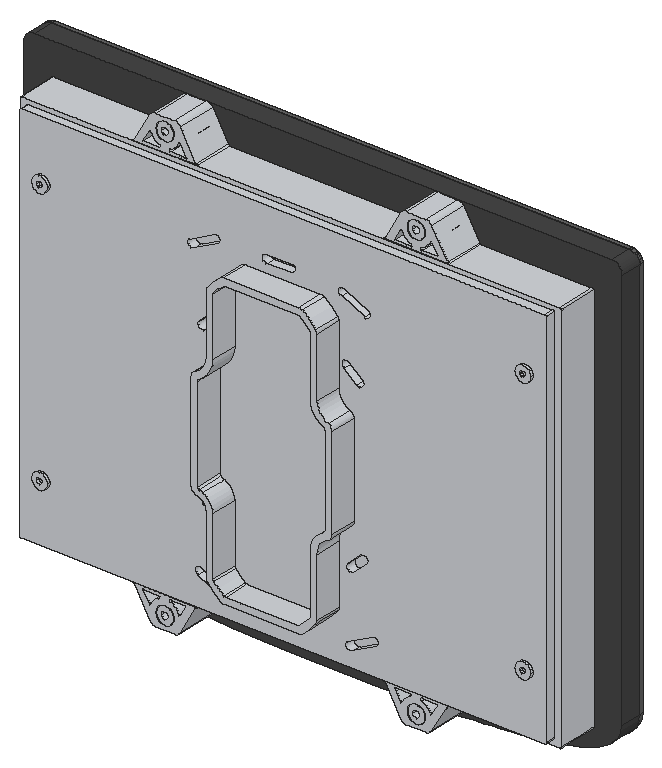
Revit family "Tyco _ FPP (FireClass) _ Graphical User Interface___", category Fire Alarm Devices, host Wall, Revit 2016
Family settings
  Host = Wall
  Maintain Annotation Orientation = No
  Part Type = Normal
  Round Connector Dimension = Use Diameter
  OmniClass Number = 23.85.30.00
  OmniClass Title = Safety and Security Information Systems
  Always vertical = Yes
  Cut with Voids When Loaded = No
  Shared = No
  Room Calculation Point = No
Parameters (values of type "FCZ4DS")
  Weight = ".0.8 kg"
  Warranty Start Date = "1900-12-31T23:59:59"
  Warranty Guarantor Parts = "Contact your supplier. If you don’t have your supplier contact details please contact  FireClassSales@tycoint.com"
  Warranty Guarantor Labor = "Contact your supplier. If you don’t have your supplier contact details please contact  FireClassSales@tycoint.com"
  Warranty Duration Unit = "Year"
  Warranty Duration Parts = "3 years"
  Warranty Duration Labor = 3
  Warranty Description = "The 36 month warranty is applicable from the date of manufacture."
  Version = "1"
  Usage Current = "n/a"
  Uniclass2 = "Ee_40_15_75"
  URL = "http://www.fireclass.net"
  Type Comments = ""
  Total No Of Addresses = "n/a"
  Tag Number = "n/a"
  SuistainabilityPerformance = "n/a"
  Storage Temperature = "-20 °C to +70 °C"
  Size = "n/a"
  Single = yes
  Shape = "Rectangle"
  Serial Number = "n/a"
  Revision = "n/a"
  Replacement Cost = 0
  Relative Humidity = "95% RH continuous (non-condensing)"
  Reference = ""
  Product Information URL = "http://www.zettlerfire.com/Products/Fire/zettlerpanels/PROFILE.asp"
  Product Description = "FCZ4DS FireClass 40 Zone Display"
  Product Specification = "FCZ4DS FireClass 40 Zone Display"
  Product Information = ""
  Product Codes = "557.200.957"
  Phase Reference = "n/a"
  Phase Angle = "n/a"
  Operation Temperature Range = " -5 °C to +40 °C"
  Number of Loops = "n/a"
  Number Of Poles = "n/a"
  Nominal Width = 248 mm
  Nominal Voltage = "18-29V DC"
  Nominal Length = 33 mm
  Nominal Height = 195 mm
  Nominal Frequency Range = "n/a"
  Nominal Current = "0.3A DC"
  No Of Zones Supported = "n/a"
  No Of Zonal LEDs = "16"
  Name = "FCZ4DS"
  NBS Reference = "90-75-30/380"
  NBS Description = "Fire detection and alarm control and indicating equipment (CIE)"
  Model Reference = "n/a"
  Model Number = "Pro215S"
  Model = "FCZ4DS"
  Material = "Plastic PC-ABS"
  ManufacturerURL = "www.zettlerfire.com"
  Manufacturer URL = "www.zettlerfire.com"
  Manufacturer Name = "Tyco Fire & Security GmbH"
  Manufacturer = "Tyco Fire & Security GmbH"
  Insulation Standard Class = "n/a"
  Installation Date = "1900-12-31T23:59:59"
  Ifc Type Object = ""
  Ifc Export Type = ""
  Ifc Export As = ""
  IP_Code = "IP30"
  Has Protective Earth = "TRUE"
  Grade = "n/a"
  Finish = "n/a"
  Features = "n/a"
  Expected Life = 0
  Electrical Device Nominal Power = "n/a"
  Duration Unit = "Year"
  Description = "FCZ4DS FireClass 40 Zone Display"
  Constituents = "n/a"
  Colour = "Anthracite Grey"
  Code Performance = "n/a"
  Clearance [instance] = no
  Category = "Ee_40_15_75"
  Brand = "FireClass"
  Bar Code = "n/a"
  BIM Object Name = ""
  Author = "Tyco Fire Protection Products"
  Asset Type = "Moveable"
  Asset Identifier = "n/a"
  Addresses Per Loop = "n/a"
  Accessibility Performance = "n/a"
Types (5, lengths in mm): name | Product Description | Product Specification | Product Codes | Nominal Current | Name | Model Number | Model | Description | Clearance
  FC1DS | "FireClass repeater compact TFT display 16 zone DC powered with shallow Box" | "FireClass repeater compact TFT display 16 zone DC powered with\r\nshallow backbox" | "557.200.954" | "0.27A DC" | "FC1DS" | "Pro215S" | "FC1DS" | "FC1DS FireClass Fully Functional Repeater" | yes
  FC1D2 | "FireClass Display Only repeater compact TFT display 16 zone DC powered with shallow backbox" | "FireClass Display Only repeater compact TFT display 16 zone DC powered with shallow backbox" | "557.200.955" | "0.3A DC\r\n0.3A DC\r\n0.3A DC" | "FC1D2" | "Pro215S" | "FC1D2" | "FC1D2 FireClass Display Only Repeater" | yes
  FC8AS | "FC8AS FireClass 80 Zone AC Repeater" | "FC8AS FireClass 80 Zone AC Repeater" | "557.200.956" | "0.3A DC" | "FC8AS" | "Pro215S" | "FC8AS" | "FC8AS FireClass 80 Zone AC Repeater" | yes
  FCZ4DS | "FCZ4DS FireClass 40 Zone Display" | "FCZ4DS FireClass 40 Zone Display" | "557.200.957" | "0.3A DC" | "FCZ4DS" | "Pro215S" | "FCZ4DS" | "FCZ4DS FireClass 40 Zone Display" | no
  FCZ8DS | "FCZ8DS FireClass 80 Zone Display" | "FCZ8DS FireClass 80 Zone Display" | "557.200.958" | "0.3A DC" | "FCZ8DS" | "FCZ8DS" | "FCZ8DS" | "FCZ8DS FireClass 80 Zone Display" | yes
Reference planes
  plane 1 "Wall": y = 0
  plane 2 "Center (Left/Right)": x = 125
  plane 3 "Back": y = 75
  plane 4: x = 1
  plane 5: x = 249
  plane 6: y = 108
  plane 7: z = 97.5
  plane 8: z = -97.5
  plane 9: z = 0
Text (mm)
  text "Placement Side" at (-1848.837, 1116.779, 0), in view "Ref. Level"
  text "Placement side" at (0, 1409.804, 2854.306), in view "Left"
  text "Placement side" at (0, 499.811, 2980.732), in view "Right"
Dimensions and locks
  locked: plane 3 "Back" to host wall
  equal spacing: plane 5, plane 2 "Center (Left/Right)", plane 4
  "Nominal Width": plane 5 to plane 4
  "Nominal Length": host wall to plane 6
  equal spacing: plane 7, level, plane 8
  "Nominal Height": plane 7 to plane 8
  aligned and locked: plane 1 "Wall" to host wall
  aligned and locked: plane 3 "Back" to nested 1
  aligned and locked: nested 1 to plane 4  (x2)
  aligned and locked: level to nested 1
  aligned and locked: plane 9 to level
Nested families
  nested 1: "Geometry" at (123.818, 22.506, -97.64), type "Family 2014"
    with Clearance no
Connectors
  electrical at (124.614, 90.101, -1.463)
    settings: on nested 1, index 1, voltage 0 V, apparent load 0 VA, apparent load phase1 0 VA, apparent load phase2 0 VA, apparent load phase3 0 VA, power factor 1, load classification "Other", number of poles 1, system type 11, power factor state 1, is connector primary yes, connector utility no, sub classification motor no, connector description ""
  cabletrayconduit at (124.69, 98.339, 80.044), diameter 12.7
    settings: on nested 1, index 2, connector width 300 mm, connector height 300 mm, connector angle 0.00°, system type 32, placement type 0, profile type 0, connector reference index -1, is primary connector yes, connector utility param no, connector description "Conduit Connector"
Definition of nested family "Geometry"
  Parameters (values of type "Family 2014")
    Depth = 33 mm
    Clearance = yes
  Reference planes
    plane 1 "Center (Front/Back)": y = 0
    plane 2: z = 0
    plane 3 "Center (Left/Right)": x = 0
    plane 4: y = 94.62
    plane 5: x = -3.745
    plane 6: y = 94.12
    plane 7: x = -3.745
    plane 8: y = 84.072
    plane 9: y = 134.62
    plane 10: z = 97.64
  Forms (mm)
    Extrusion 1, solid, detail levels fine
      sketch origin (-12.5, 0, 200) x (1, 0, 0) y (0, 0, 1)
        loop
          line (-92.72, -181.182) -> (-69.997, -181.182)
          arc (-69.997, -181.182) -> (-68.937, -180.742) -> (-68.497, -179.682) r 1.5
          line (-68.497, -179.682) -> (-68.497, -138.46)
          arc (-68.497, -138.46) -> (-68.937, -137.399) -> (-69.997, -136.96) r 1.5
          line (-69.997, -136.96) -> (-92.72, -136.96)
          arc (-92.72, -136.96) -> (-93.78, -137.399) -> (-94.22, -138.46) r 1.5
          line (-94.22, -138.46) -> (-94.22, -179.682)
          arc (-94.22, -179.682) -> (-93.78, -180.742) -> (-92.72, -181.182) r 1.5
        loop
          line (-74.551, -133.631) -> (-74.551, -35.631)
          arc (-74.551, -35.631) -> (-75.801, -34.381) -> (-77.051, -35.631) r 1.25
          line (-77.051, -35.631) -> (-77.051, -133.631)
          arc (-77.051, -133.631) -> (-75.801, -134.881) -> (-74.551, -133.631) r 1.25
        loop
          line (-80.201, -133.631) -> (-80.201, -35.631)
          arc (-80.201, -35.631) -> (-81.451, -34.381) -> (-82.701, -35.631) r 1.25
          line (-82.701, -35.631) -> (-82.701, -133.631)
          arc (-82.701, -133.631) -> (-81.451, -134.881) -> (-80.201, -133.631) r 1.25
        loop
          line (-85.851, -133.631) -> (-85.851, -35.631)
          arc (-85.851, -35.631) -> (-87.101, -34.381) -> (-88.351, -35.631) r 1.25
          line (-88.351, -35.631) -> (-88.351, -133.631)
          arc (-88.351, -133.631) -> (-87.101, -134.881) -> (-85.851, -133.631) r 1.25
        loop
          line (-91.501, -133.631) -> (-91.501, -35.631)
          arc (-91.501, -35.631) -> (-92.751, -34.381) -> (-94.001, -35.631) r 1.25
          line (-94.001, -35.631) -> (-94.001, -133.631)
          arc (-94.001, -133.631) -> (-92.751, -134.881) -> (-91.501, -133.631) r 1.25
        loop
          line (-68.901, -133.631) -> (-68.901, -35.631)
          arc (-68.901, -35.631) -> (-70.151, -34.381) -> (-71.401, -35.631) r 1.25
          line (-71.401, -35.631) -> (-71.401, -133.631)
          arc (-71.401, -133.631) -> (-70.151, -134.881) -> (-68.901, -133.631) r 1.25
        loop
          line (-98.909, -21.921) -> (-98.909, -183.562)
          arc (-98.909, -183.562) -> (-97.697, -184.42) -> (-96.291, -184.896) r 5.135
          arc (-96.291, -184.896) -> (-89.603, -185.908) -> (-82.864, -186.505) r 109.392
          arc (-82.864, -186.505) -> (-35.192, -187.899) -> (12.5, -188.233) r 2148.099
          arc (12.5, -188.233) -> (60.192, -187.899) -> (107.864, -186.505) r 2148.099
          arc (107.864, -186.505) -> (116.424, -185.674) -> (124.891, -184.174) r 109.392
          line (124.891, -184.174) -> (124.891, -21.421) -> (-98.409, -21.421)
          arc (-98.409, -21.421) -> (-98.762, -21.567) -> (-98.909, -21.921) r 0.5
        loop
          spline (21.83, -198.361) -> (22.421, -198.327) -> (23.007, -198.227) -> (23.579, -198.062) -> (24.128, -197.831) -> (24.645, -197.537) -> (25.121, -197.182) -> (25.548, -196.768) -> (25.916, -196.301) -> (26.215, -195.786) -> (26.436, -195.233) -> (26.572, -194.653) -> (26.618, -194.062)
          spline (26.618, -194.062) -> (26.571, -193.48) -> (26.433, -192.909) -> (26.21, -192.366) -> (25.908, -191.864) -> (25.538, -191.409) -> (25.112, -191.007) -> (24.638, -190.664) -> (24.126, -190.379) -> (23.583, -190.157) -> (23.019, -189.996) -> (22.441, -189.9) -> (21.858, -189.868)
          line (21.858, -189.868) -> (3.784, -189.862)
          spline (3.784, -189.862) -> (3.201, -189.894) -> (2.622, -189.991) -> (2.057, -190.151) -> (1.514, -190.374) -> (1.001, -190.659) -> (0.526, -191.003) -> (0.099, -191.405) -> (-0.271, -191.861) -> (-0.573, -192.364) -> (-0.797, -192.907) -> (-0.935, -193.479) -> (-0.982, -194.062)
          spline (-0.982, -194.062) -> (-0.936, -194.653) -> (-0.8, -195.233) -> (-0.579, -195.786) -> (-0.28, -196.301) -> (0.088, -196.768) -> (0.515, -197.182) -> (0.991, -197.537) -> (1.508, -197.831) -> (2.056, -198.062) -> (2.628, -198.227) -> (3.214, -198.327) -> (3.806, -198.361)
          line (3.806, -198.361) -> (21.83, -198.361)
        loop
          line (-96.695, -183.562) -> (122.691, -183.562) -> (122.691, -23.864) -> (-96.695, -23.821) -> (-96.695, -183.562)
        loop
          line (110.202, -36.86) -> (-63.219, -36.86) -> (-63.219, -167.681) -> (110.202, -167.681) -> (110.202, -36.86)
        loop
          line (-65.726, -34.353) -> (-65.726, -180.888) -> (112.709, -180.888) -> (112.709, -34.353) -> (-65.726, -34.353)
        loop
          line (-84.509, -171.711) -> (-78.317, -171.711) -> (-78.317, -166.911) -> (-79.209, -166.911) -> (-79.209, -165.221)
          arc (-79.209, -165.221) -> (-81.609, -162.821) -> (-84.009, -165.221) r 2.4
          arc (-84.009, -165.221) -> (-83.659, -165.571) -> (-83.309, -165.221) r 0.35
          arc (-83.309, -165.221) -> (-81.609, -163.521) -> (-79.909, -165.221) r 1.7
          line (-79.909, -165.221) -> (-79.909, -166.911) -> (-84.509, -166.911) -> (-84.509, -171.711)
        loop
          arc (-81.214, -169.573) -> (-81.609, -167.971) -> (-82.003, -169.573) r 0.85
          line (-82.003, -169.573) -> (-82.259, -171.021) -> (-80.959, -171.021) -> (-81.214, -169.573)
        loop
          line (-81.025, -143.821) -> (-80.204, -143.821) -> (-81.359, -141.821) -> (-82.513, -143.821) -> (-81.692, -143.821) -> (-81.692, -148.413)
          arc (-81.692, -148.413) -> (-82.658, -147.682) -> (-83.025, -146.528) r 2
          line (-83.025, -146.528) -> (-82.199, -146.528) -> (-82.199, -145.113) -> (-84.687, -145.113) -> (-84.687, -146.528) -> (-83.692, -146.528)
          arc (-83.692, -146.528) -> (-83.133, -148.161) -> (-81.692, -149.11) r 2.667
          line (-81.692, -149.11) -> (-81.692, -151.878)
          arc (-81.692, -151.878) -> (-81.359, -153.821) -> (-81.025, -151.878) r 1
          line (-81.025, -151.878) -> (-81.025, -151.062)
          arc (-81.025, -151.062) -> (-79.55, -149.701) -> (-79.025, -147.763) r 3.627
          arc (-79.025, -147.763) -> (-79.359, -145.821) -> (-79.692, -147.763) r 1
          arc (-79.692, -147.763) -> (-80.033, -149.2) -> (-81.025, -150.294) r 2.96
          line (-81.025, -150.294) -> (-81.025, -143.821)
        loop
          arc (137.229, -13.406) -> (135.945, -10.304) -> (132.843, -9.02) r 4.386
          line (132.843, -9.02) -> (-105.933, -9.02)
          arc (-105.933, -9.02) -> (-109.034, -10.304) -> (-110.318, -13.406) r 4.386
          line (-110.318, -13.406) -> (-110.318, -180.084)
          spline (-110.318, -180.084) -> (-109.866, -182.575) -> (-109.148, -184.276) -> (-108.349, -185.403) -> (-107.644, -186.168) -> (-107.088, -186.723) -> (-106.611, -187.162) -> (-106.132, -187.57) -> (-105.533, -188.018) -> (-104.669, -188.558) -> (-103.42, -189.236) -> (-101.991, -189.954) -> (-100.817, -190.516)
          spline (-100.817, -190.516) -> (-92.745, -193.17) -> (-87.971, -194.345) -> (-83.074, -195.341) -> (-78.304, -196.194) -> (-74.081, -196.826) -> (-69.845, -197.359) -> (-65.063, -197.881) -> (-59.313, -198.424) -> (-52.177, -199.01) -> (-43.108, -199.632) -> (-31.46, -200.26) -> (-16.585, -200.866)
          line (-16.585, -200.866) -> (0.325, -201.25) -> (35.336, -201.25) -> (52.245, -200.866)
          spline (52.245, -200.866) -> (65.38, -200.331) -> (75.666, -199.776) -> (83.675, -199.227) -> (89.976, -198.71) -> (95.053, -198.231) -> (99.276, -197.769) -> (103.016, -197.298) -> (106.745, -196.741) -> (110.958, -195.987) -> (115.282, -195.108) -> (119.497, -194.071) -> (126.625, -191.727)
          spline (126.625, -191.727) -> (127.935, -191.099) -> (129.53, -190.298) -> (130.924, -189.542) -> (131.888, -188.938) -> (132.557, -188.439) -> (133.091, -187.983) -> (133.624, -187.494) -> (134.245, -186.874) -> (135.031, -186.02) -> (135.923, -184.762) -> (136.724, -182.864) -> (137.229, -180.084)
          line (137.229, -180.084) -> (137.229, -13.406)
        loop
          spline (52.211, -199.866) -> (65.323, -199.333) -> (75.588, -198.779) -> (83.578, -198.231) -> (89.86, -197.715) -> (94.92, -197.238) -> (99.125, -196.778) -> (102.842, -196.31) -> (106.549, -195.756) -> (110.725, -195.009) -> (115.017, -194.136) -> (119.178, -193.113) -> (126.227, -190.794)
          spline (126.227, -190.794) -> (127.515, -190.176) -> (129.088, -189.386) -> (130.435, -188.656) -> (131.332, -188.095) -> (131.934, -187.646) -> (132.437, -187.216) -> (132.939, -186.756) -> (133.527, -186.167) -> (134.273, -185.359) -> (135.055, -184.258) -> (135.764, -182.573) -> (136.229, -180.001)
          line (136.229, -180.001) -> (136.229, -13.406)
          arc (136.229, -13.406) -> (135.237, -11.012) -> (132.843, -10.02) r 3.386
          line (132.843, -10.02) -> (-105.933, -10.02)
          arc (-105.933, -10.02) -> (-108.327, -11.012) -> (-109.318, -13.406) r 3.386
          line (-109.318, -13.406) -> (-109.318, -180.001)
          spline (-109.318, -180.001) -> (-108.906, -182.284) -> (-108.28, -183.771) -> (-107.59, -184.742) -> (-106.927, -185.462) -> (-106.403, -185.986) -> (-105.956, -186.395) -> (-105.509, -186.777) -> (-104.977, -187.175) -> (-104.18, -187.673) -> (-102.968, -188.329) -> (-101.575, -189.03) -> (-100.419, -189.583)
          spline (-100.419, -189.583) -> (-92.427, -192.212) -> (-87.708, -193.373) -> (-82.843, -194.363) -> (-78.098, -195.211) -> (-73.909, -195.837) -> (-69.693, -196.368) -> (-64.929, -196.889) -> (-59.198, -197.43) -> (-52.078, -198.013) -> (-43.03, -198.634) -> (-31.403, -199.262) -> (-16.551, -199.866)
          line (-16.551, -199.866) -> (0.336, -200.25) -> (35.324, -200.25) -> (52.211, -199.866)
      from -94.62 to -93.12
    Extrusion 2, solid, detail levels medium+fine
      sketch origin (-12.5, 0, 200) x (1, 0, 0) y (0, 0, 1)
        loop
          line (-63.295, -36.86) -> (-63.295, -167.681) -> (110.202, -167.681) -> (110.202, -36.86) -> (-63.295, -36.86)
      from -93.12 to -94.12
    Extrusion 3, solid, visible <- "Clearance"
      sketch origin (0, 0, 0) x (1, 0, 0) y (0, 0, 1)
        loop
          line (164.729, 230.98) -> (-162.818, 230.98) -> (-162.818, -40) -> (164.729, -40) -> (164.729, 230.98)
      from -52.494 to -134.62
    Extrusion 4, solid
      sketch origin (0, 0, 0) x (1, 0, 0) y (0, 0, 1)
        loop
          arc (-110.378, 177.684) -> (-110.821, 177.501) -> (-111.004, 177.058) r 0.626
          line (-111.004, 177.058) -> (-111.004, 14.842)
          arc (-111.004, 14.842) -> (-110.838, 14.441) -> (-110.437, 14.275) r 0.567
          line (-110.437, 14.275) -> (112.142, 14.275)
          arc (112.142, 14.275) -> (112.583, 14.458) -> (112.765, 14.899) r 0.624
          line (112.765, 14.899) -> (112.765, 177.041)
          arc (112.765, 177.041) -> (112.577, 177.496) -> (112.122, 177.684) r 0.643
          line (112.122, 177.684) -> (-110.378, 177.684)
      from -84.072 to -67.595
    Extrusion 5, solid
      sketch origin (0, 0, 0) x (1, 0, 0) y (0, 0, 1)
        loop
          arc (-14.683, 150.618) -> (-15.479, 150.488) -> (-16.192, 150.111) r 2.5
          arc (-16.192, 150.111) -> (-19.069, 147.609) -> (-21.581, 144.74) r 28.139
          arc (-21.581, 144.74) -> (-21.962, 144.024) -> (-22.093, 143.224) r 2.5
          line (-22.093, 143.224) -> (-22.093, 118.679)
          arc (-22.093, 118.679) -> (-23.379, 114.447) -> (-26.801, 111.644) r 7.611
          arc (-26.801, 111.644) -> (-27.922, 110.723) -> (-28.343, 109.335) r 2.5
          line (-28.343, 109.335) -> (-28.343, 68.815)
          arc (-28.343, 68.815) -> (-27.952, 67.472) -> (-26.9, 66.549) r 2.5
          line (-26.9, 66.549) -> (-24.726, 65.536)
          arc (-24.726, 65.536) -> (-22.807, 63.853) -> (-22.093, 61.402) r 4.561
          line (-22.093, 61.402) -> (-22.093, 37.134)
          arc (-22.093, 37.134) -> (-21.962, 36.334) -> (-21.581, 35.619) r 2.5
          arc (-21.581, 35.619) -> (-19.069, 32.75) -> (-16.193, 30.247) r 28.139
          arc (-16.193, 30.247) -> (-15.479, 29.871) -> (-14.683, 29.74) r 2.5
          line (-14.683, 29.74) -> (16.275, 29.74)
          arc (16.275, 29.74) -> (17.071, 29.87) -> (17.784, 30.247) r 2.5
          arc (17.784, 30.247) -> (20.661, 32.75) -> (23.173, 35.619) r 28.139
          arc (23.173, 35.619) -> (23.553, 36.334) -> (23.685, 37.134) r 2.5
          line (23.685, 37.134) -> (23.685, 61.679)
          arc (23.685, 61.679) -> (24.97, 65.912) -> (28.393, 68.715) r 7.611
          arc (28.393, 68.715) -> (29.514, 69.636) -> (29.935, 71.024) r 2.5
          line (29.935, 71.024) -> (29.935, 109.335)
          arc (29.935, 109.335) -> (29.514, 110.722) -> (28.394, 111.643) r 2.5
          arc (28.394, 111.643) -> (24.971, 114.446) -> (23.685, 118.679) r 7.611
          line (23.685, 118.679) -> (23.685, 143.224)
          arc (23.685, 143.224) -> (23.554, 144.024) -> (23.173, 144.74) r 2.5
          arc (23.173, 144.74) -> (20.661, 147.609) -> (17.784, 150.111) r 28.139
          arc (17.784, 150.111) -> (17.071, 150.488) -> (16.275, 150.618) r 2.5
          line (16.275, 150.618) -> (-14.683, 150.618)
        loop
          arc (-19.427, 118.679) -> (-20.966, 113.269) -> (-25.123, 109.48) r 10.277
          arc (-25.123, 109.48) -> (-25.527, 109.111) -> (-25.677, 108.585) r 1
          line (-25.677, 108.585) -> (-25.677, 69.558)
          arc (-25.677, 69.558) -> (-25.521, 69.02) -> (-25.1, 68.651) r 1
          line (-25.1, 68.651) -> (-23.6, 67.952)
          arc (-23.6, 67.952) -> (-20.559, 65.285) -> (-19.427, 61.402) r 7.227
          line (-19.427, 61.402) -> (-19.427, 37.533)
          arc (-19.427, 37.533) -> (-19.276, 36.932) -> (-18.857, 36.473) r 1.27
          arc (-18.857, 36.473) -> (-17.024, 34.477) -> (-14.989, 32.687) r 25.473
          arc (-14.989, 32.687) -> (-14.622, 32.485) -> (-14.211, 32.406) r 1.338
          line (-14.211, 32.406) -> (15.843, 32.406)
          arc (15.843, 32.406) -> (16.531, 32.638) -> (17.091, 33.1) r 2.006
          arc (17.091, 33.1) -> (18.947, 34.808) -> (20.626, 36.69) r 25.473
          arc (20.626, 36.69) -> (20.916, 37.068) -> (21.019, 37.533) r 1.1
          line (21.019, 37.533) -> (21.019, 61.679)
          arc (21.019, 61.679) -> (22.558, 67.089) -> (26.715, 70.879) r 10.277
          arc (26.715, 70.879) -> (27.119, 71.247) -> (27.269, 71.774) r 1
          line (27.269, 71.774) -> (27.269, 108.585)
          arc (27.269, 108.585) -> (27.119, 109.111) -> (26.715, 109.48) r 1
          arc (26.715, 109.48) -> (22.558, 113.269) -> (21.019, 118.679) r 10.277
          line (21.019, 118.679) -> (21.019, 143.168)
          arc (21.019, 143.168) -> (18.779, 145.721) -> (16.219, 147.952) r 25.473
          line (16.219, 147.952) -> (-14.627, 147.952)
          arc (-14.627, 147.952) -> (-17.187, 145.721) -> (-19.427, 143.168) r 25.473
          line (-19.427, 143.168) -> (-19.427, 118.679)
      from -63.712 to -52.494
    Extrusion 6, solid
      sketch origin (0, 0, 0) x (1, 0, 0) y (0, 0, 1)
        loop
          arc (-27.627, 157.57) -> (-32.828, 155.132) -> (-37.821, 152.293) r 73.14
          arc (-37.821, 152.293) -> (-38.383, 149.883) -> (-35.973, 149.321) r 1.75
          arc (-35.973, 149.321) -> (-31.219, 152.024) -> (-26.267, 154.346) r 69.64
          arc (-26.267, 154.346) -> (-25.335, 156.638) -> (-27.627, 157.57) r 1.75
        loop
          arc (4.203, 154.339) -> (6.043, 155.994) -> (4.389, 157.834) r 1.75
          arc (4.389, 157.834) -> (-0.955, 157.907) -> (-6.287, 157.558) r 67.75
          arc (-6.287, 157.558) -> (-7.844, 155.635) -> (-5.921, 154.077) r 1.75
          arc (-5.921, 154.077) -> (-0.864, 154.408) -> (4.203, 154.339) r 64.25
        loop
          arc (26.094, 156.19) -> (23.834, 155.182) -> (24.842, 152.921) r 1.75
          arc (24.842, 152.921) -> (29.684, 150.844) -> (34.348, 148.394) r 67.192
          arc (34.348, 148.394) -> (36.738, 149.037) -> (36.096, 151.427) r 1.75
          arc (36.096, 151.427) -> (31.189, 154.004) -> (26.094, 156.19) r 70.692
        loop
          arc (33.784, 124.838) -> (30.976, 127.309) -> (27.983, 129.553) r 47.848
          arc (27.983, 129.553) -> (25.548, 129.107) -> (25.994, 126.673) r 1.75
          arc (25.994, 126.673) -> (28.768, 124.593) -> (31.371, 122.302) r 44.348
          arc (31.371, 122.302) -> (33.845, 122.363) -> (33.784, 124.838) r 1.75
        loop
          arc (-26.273, 125.308) -> (-25.955, 127.762) -> (-28.409, 128.08) r 1.75
          arc (-28.409, 128.08) -> (-31.281, 125.683) -> (-33.956, 123.068) r 47.848
          arc (-33.956, 123.068) -> (-33.888, 120.594) -> (-31.414, 120.662) r 1.75
          arc (-31.414, 120.662) -> (-28.935, 123.086) -> (-26.273, 125.308) r 44.348
        loop
          arc (27.865, 55.051) -> (27.547, 52.597) -> (30.001, 52.279) r 1.75
          arc (30.001, 52.279) -> (32.873, 54.676) -> (35.548, 57.291) r 47.848
          arc (35.548, 57.291) -> (35.48, 59.764) -> (33.006, 59.696) r 1.75
          arc (33.006, 59.696) -> (30.526, 57.273) -> (27.865, 55.051) r 44.348
        loop
          arc (27.859, 26.013) -> (26.926, 23.721) -> (29.219, 22.788) r 1.75
          arc (29.219, 22.788) -> (34.42, 25.226) -> (39.413, 28.065) r 73.14
          arc (39.413, 28.065) -> (39.975, 30.475) -> (37.565, 31.038) r 1.75
          arc (37.565, 31.038) -> (32.811, 28.335) -> (27.859, 26.013) r 69.64
        loop
          arc (-2.797, 22.525) -> (2.546, 22.452) -> (7.879, 22.801) r 67.75
          arc (7.879, 22.801) -> (9.436, 24.724) -> (7.513, 26.281) r 1.75
          arc (7.513, 26.281) -> (2.456, 25.951) -> (-2.611, 26.02) r 64.25
          arc (-2.611, 26.02) -> (-4.452, 24.365) -> (-2.797, 22.525) r 1.75
        loop
          arc (-34.504, 28.932) -> (-29.597, 26.354) -> (-24.502, 24.169) r 70.692
          arc (-24.502, 24.169) -> (-22.242, 25.177) -> (-23.25, 27.437) r 1.75
          arc (-23.25, 27.437) -> (-28.092, 29.514) -> (-32.757, 31.964) r 67.192
          arc (-32.757, 31.964) -> (-35.147, 31.322) -> (-34.504, 28.932) r 1.75
        loop
          arc (-32.192, 55.521) -> (-29.384, 53.05) -> (-26.391, 50.806) r 47.848
          arc (-26.391, 50.806) -> (-23.956, 51.251) -> (-24.402, 53.686) r 1.75
          arc (-24.402, 53.686) -> (-27.176, 55.766) -> (-29.779, 58.056) r 44.348
          arc (-29.779, 58.056) -> (-32.253, 57.995) -> (-32.192, 55.521) r 1.75
        loop
          arc (-107.58, 175.663) -> (-108.01, 175.485) -> (-108.188, 175.056) r 0.607
          line (-108.188, 175.056) -> (-108.188, 17.292)
          arc (-108.188, 17.292) -> (-108.013, 16.87) -> (-107.592, 16.696) r 0.596
          line (-107.592, 16.696) -> (109.18, 16.696)
          arc (109.18, 16.696) -> (109.604, 16.871) -> (109.78, 17.295) r 0.599
          line (109.78, 17.295) -> (109.78, 175.054)
          arc (109.78, 175.054) -> (109.601, 175.485) -> (109.171, 175.663) r 0.609
          line (109.171, 175.663) -> (-107.58, 175.663)
      from -67.595 to -63.712
    Extrusion 7, solid
      sketch origin (0, 0, 0) x (1, 0, 0) y (0, 0, 1)
        loop
          circle (-99.204, 151.179) r 3.25
        loop
          circle (-99.204, 151.179) r 1.25
        loop
          circle (-99.204, 41.179) r 3.25
        loop
          circle (-99.204, 41.179) r 1.25
        loop
          circle (100.796, 41.179) r 3.25
        loop
          circle (100.796, 41.179) r 1.25
        loop
          circle (100.796, 151.179) r 3.25
        loop
          circle (100.796, 151.179) r 1.25
      from -63.712 to -62.712
    Extrusion 8, solid, detail levels fine
      sketch origin (0, 0, -0.391) x (1, 0, 0) y (0, 0, 1)
        loop
          spline (48.937, 191.336) -> (48.676, 191.325) -> (48.416, 191.291) -> (48.161, 191.234) -> (47.911, 191.156) -> (47.669, 191.055) -> (47.437, 190.935) -> (47.217, 190.794) -> (47.009, 190.635) -> (46.816, 190.458) -> (46.639, 190.265) -> (46.48, 190.057) -> (46.339, 189.837)
          line (46.339, 189.837) -> (39.976, 178.528)
          arc (39.976, 178.528) -> (39.683, 178.236) -> (39.284, 178.084) r 0.8
          line (39.284, 178.084) -> (52.946, 178.084) -> (66.308, 178.129)
          arc (66.308, 178.129) -> (65.909, 178.236) -> (65.616, 178.528) r 0.8
          line (65.616, 178.528) -> (59.17, 189.693)
          arc (59.17, 189.693) -> (58.072, 190.791) -> (56.572, 191.193) r 3
          line (56.572, 191.193) -> (48.937, 191.336)
        loop
          line (43.691, 179.118) -> (50.688, 179.118)
          arc (50.688, 179.118) -> (50.904, 179.607) -> (50.754, 180.119) r 0.779
          arc (50.754, 180.119) -> (48.505, 181.512) -> (47.048, 183.719) r 6.158
          arc (47.048, 183.719) -> (46.729, 183.957) -> (46.377, 183.772) r 0.373
          line (46.377, 183.772) -> (43.691, 179.118)
        loop
          line (61.905, 179.118) -> (59.218, 183.772)
          arc (59.218, 183.772) -> (58.866, 183.957) -> (58.548, 183.719) r 0.373
          arc (58.548, 183.719) -> (57.09, 181.512) -> (54.842, 180.119) r 6.158
          arc (54.842, 180.119) -> (54.692, 179.607) -> (54.908, 179.118) r 0.779
          line (54.908, 179.118) -> (61.905, 179.118)
        loop
          circle (52.796, 185.929) r 3.767
        loop
          circle (52.796, 185.929) r 1.5
        loop
          circle (52.796, 185.929) r 3.55
        loop
          line (-47.306, 191.336) -> (-54.941, 191.193)
          arc (-54.941, 191.193) -> (-56.441, 190.791) -> (-57.539, 189.693) r 3
          line (-57.539, 189.693) -> (-63.985, 178.528)
          arc (-63.985, 178.528) -> (-64.278, 178.236) -> (-64.677, 178.129) r 0.8
          line (-64.677, 178.129) -> (-51.315, 178.084) -> (-37.653, 178.084)
          arc (-37.653, 178.084) -> (-38.052, 178.236) -> (-38.345, 178.528) r 0.8
          line (-38.345, 178.528) -> (-44.708, 189.837)
          spline (-44.708, 189.837) -> (-44.849, 190.057) -> (-45.008, 190.265) -> (-45.185, 190.458) -> (-45.378, 190.635) -> (-45.586, 190.794) -> (-45.806, 190.935) -> (-46.038, 191.055) -> (-46.28, 191.156) -> (-46.53, 191.234) -> (-46.785, 191.291) -> (-47.045, 191.325) -> (-47.306, 191.336)
        loop
          line (-42.06, 179.118) -> (-44.746, 183.772)
          arc (-44.746, 183.772) -> (-45.098, 183.957) -> (-45.417, 183.719) r 0.373
          arc (-45.417, 183.719) -> (-46.874, 181.512) -> (-49.123, 180.119) r 6.158
          arc (-49.123, 180.119) -> (-49.273, 179.607) -> (-49.057, 179.118) r 0.779
          line (-49.057, 179.118) -> (-42.06, 179.118)
        loop
          line (-60.274, 179.118) -> (-53.277, 179.118)
          arc (-53.277, 179.118) -> (-53.061, 179.607) -> (-53.211, 180.119) r 0.779
          arc (-53.211, 180.119) -> (-55.459, 181.512) -> (-56.917, 183.719) r 6.158
          arc (-56.917, 183.719) -> (-57.235, 183.957) -> (-57.587, 183.772) r 0.373
          line (-57.587, 183.772) -> (-60.274, 179.118)
        loop
          circle (-51.165, 185.929) r 3.767
        loop
          circle (-51.165, 185.929) r 1.5
        loop
          circle (-51.165, 185.929) r 3.55
        loop
          line (48.937, 1.022) -> (56.572, 1.166)
          arc (56.572, 1.166) -> (58.072, 1.568) -> (59.17, 2.666) r 3
          line (59.17, 2.666) -> (65.616, 13.83)
          arc (65.616, 13.83) -> (65.909, 14.123) -> (66.308, 14.23) r 0.8
          line (66.308, 14.23) -> (52.946, 14.275) -> (39.284, 14.275)
          arc (39.284, 14.275) -> (39.683, 14.123) -> (39.976, 13.83) r 0.8
          line (39.976, 13.83) -> (46.339, 2.522)
          spline (46.339, 2.522) -> (46.48, 2.301) -> (46.639, 2.094) -> (46.816, 1.901) -> (47.009, 1.724) -> (47.217, 1.565) -> (47.437, 1.424) -> (47.669, 1.303) -> (47.911, 1.203) -> (48.161, 1.124) -> (48.416, 1.068) -> (48.676, 1.034) -> (48.937, 1.022)
        loop
          line (43.691, 13.241) -> (46.377, 8.587)
          arc (46.377, 8.587) -> (46.729, 8.402) -> (47.048, 8.64) r 0.373
          arc (47.048, 8.64) -> (48.505, 10.847) -> (50.754, 12.239) r 6.158
          arc (50.754, 12.239) -> (50.904, 12.752) -> (50.688, 13.241) r 0.779
          line (50.688, 13.241) -> (43.691, 13.241)
        loop
          line (61.905, 13.241) -> (54.908, 13.241)
          arc (54.908, 13.241) -> (54.692, 12.752) -> (54.842, 12.239) r 0.779
          arc (54.842, 12.239) -> (57.09, 10.847) -> (58.548, 8.64) r 6.158
          arc (58.548, 8.64) -> (58.866, 8.402) -> (59.218, 8.587) r 0.373
          line (59.218, 8.587) -> (61.905, 13.241)
        loop
          circle (52.796, 6.429) r 3.767
        loop
          circle (52.796, 6.429) r 1.5
        loop
          circle (52.796, 6.429) r 3.55
        loop
          spline (-47.306, 1.022) -> (-47.045, 1.034) -> (-46.785, 1.068) -> (-46.53, 1.124) -> (-46.28, 1.203) -> (-46.038, 1.303) -> (-45.806, 1.424) -> (-45.586, 1.565) -> (-45.378, 1.724) -> (-45.185, 1.901) -> (-45.008, 2.094) -> (-44.849, 2.301) -> (-44.708, 2.522)
          line (-44.708, 2.522) -> (-38.345, 13.83)
          arc (-38.345, 13.83) -> (-38.052, 14.123) -> (-37.653, 14.275) r 0.8
          line (-37.653, 14.275) -> (-51.315, 14.275) -> (-64.677, 14.23)
          arc (-64.677, 14.23) -> (-64.278, 14.123) -> (-63.985, 13.83) r 0.8
          line (-63.985, 13.83) -> (-57.539, 2.666)
          arc (-57.539, 2.666) -> (-56.441, 1.568) -> (-54.941, 1.166) r 3
          line (-54.941, 1.166) -> (-47.306, 1.022)
        loop
          line (-42.06, 13.241) -> (-49.057, 13.241)
          arc (-49.057, 13.241) -> (-49.273, 12.752) -> (-49.123, 12.239) r 0.779
          arc (-49.123, 12.239) -> (-46.874, 10.847) -> (-45.417, 8.64) r 6.158
          arc (-45.417, 8.64) -> (-45.098, 8.402) -> (-44.746, 8.587) r 0.373
          line (-44.746, 8.587) -> (-42.06, 13.241)
        loop
          line (-60.274, 13.241) -> (-57.587, 8.587)
          arc (-57.587, 8.587) -> (-57.235, 8.402) -> (-56.917, 8.64) r 0.373
          arc (-56.917, 8.64) -> (-55.459, 10.847) -> (-53.211, 12.239) r 6.158
          arc (-53.211, 12.239) -> (-53.061, 12.752) -> (-53.277, 13.241) r 0.779
          line (-53.277, 13.241) -> (-60.274, 13.241)
        loop
          circle (-51.165, 6.429) r 3.767
        loop
          circle (-51.165, 6.429) r 1.5
        loop
          circle (-51.165, 6.429) r 3.55
      from -84.072 to -67.595
    Extrusion 9, solid
      sketch origin (0, 0, 0) x (1, 0, 0) y (0, 0, 1)
        loop
          arc (124.729, 186.594) -> (123.445, 189.696) -> (120.343, 190.98) r 4.386
          line (120.343, 190.98) -> (-118.433, 190.98)
          arc (-118.433, 190.98) -> (-121.534, 189.696) -> (-122.818, 186.594) r 4.386
          line (-122.818, 186.594) -> (-122.818, 19.916)
          spline (-122.818, 19.916) -> (-122.366, 17.425) -> (-121.648, 15.724) -> (-120.849, 14.597) -> (-120.144, 13.832) -> (-119.588, 13.277) -> (-119.111, 12.838) -> (-118.632, 12.43) -> (-118.033, 11.982) -> (-117.169, 11.442) -> (-115.92, 10.764) -> (-114.491, 10.046) -> (-113.317, 9.484)
          spline (-113.317, 9.484) -> (-105.245, 6.83) -> (-100.471, 5.655) -> (-95.574, 4.659) -> (-90.804, 3.806) -> (-86.581, 3.174) -> (-82.345, 2.641) -> (-77.563, 2.119) -> (-71.813, 1.576) -> (-64.677, 0.99) -> (-55.608, 0.368) -> (-43.96, -0.26) -> (-29.085, -0.866)
          line (-29.085, -0.866) -> (-12.175, -1.25) -> (22.836, -1.25) -> (39.745, -0.866)
          spline (39.745, -0.866) -> (52.88, -0.331) -> (63.166, 0.224) -> (71.175, 0.773) -> (77.476, 1.29) -> (82.553, 1.769) -> (86.776, 2.231) -> (90.516, 2.702) -> (94.245, 3.259) -> (98.458, 4.013) -> (102.782, 4.892) -> (106.997, 5.929) -> (114.125, 8.273)
          spline (114.125, 8.273) -> (115.435, 8.901) -> (117.03, 9.702) -> (118.424, 10.458) -> (119.388, 11.062) -> (120.057, 11.561) -> (120.591, 12.017) -> (121.124, 12.506) -> (121.745, 13.126) -> (122.531, 13.98) -> (123.423, 15.238) -> (124.224, 17.136) -> (124.729, 19.916)
          line (124.729, 19.916) -> (124.729, 186.594)
        loop
          line (-75.795, 163.14) -> (-75.795, 32.319) -> (97.702, 32.319) -> (97.702, 163.14) -> (-75.795, 163.14)
      from -94.12 to -84.072
  Dimensions and locks
    locked: plane 6 to plane 4 at 0.5
    level to Extrusion 4 = 177.684 mm
    level to Extrusion 3 sketch curve = 40 mm
    Extrusion 3 sketch curve to Extrusion 9 = 40 mm  (x2)
    aligned and locked: level to plane 2
    aligned and locked: plane 6 to Extrusion 2
    aligned and locked: Extrusion 1 to plane 4
    aligned and locked: Extrusion 3 to plane 9
    aligned and locked: Extrusion 6 to Extrusion 4
    aligned and locked: Extrusion 6 to Extrusion 5
    aligned and locked: Extrusion 8 to Extrusion 4
    aligned and locked: Extrusion 1 sketch curve to Extrusion 1 sketch curve
    aligned and locked: Extrusion 3 to Extrusion 5
    aligned and locked: Extrusion 4 to Extrusion 9
    aligned and locked: Extrusion 2 sketch curve to Extrusion 1  (x2)
